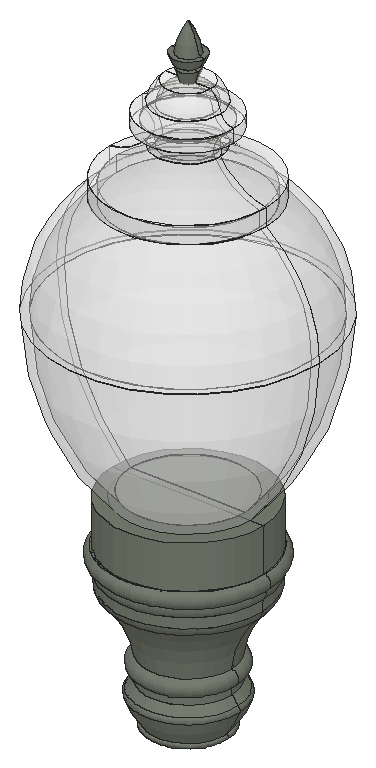
Revit family "FGL", category Lighting Fixtures, host Face, Revit 2014
Parameters (values of type "FGL - WRZ")
  Wattage Comments = "32 - 185W"  # constant formula
  Wattage = 9.2903 W
  Watt = 185 W
  built-in parameter 1150110 = 1 (stored number, unit not read)
  Voltage [instance] = 120 V
  built-in parameter 1114217 = 1 (stored number, unit not read)
  Tilt Angle = -90.00°
  built-in parameter 1150109 = 1 (stored number, unit not read)
  built-in parameter 1150134 = 3
  built-in parameter 1150113 = 1 (stored number, unit not read)
  Photometric Web File = "FGL-SGL-CCO-150PSMH-ASY-HSS.IES"
  built-in parameter 1150105 = 109.82 (stored number, unit not read)
  Lumens = 1380 lm
  built-in parameter 1150115 = 1 (stored number, unit not read)
  built-in parameter 1150137 = (empty or 0)
  built-in parameter 1150139 = (empty or 0)
  built-in parameter 1150112 = 1 (stored number, unit not read)
  built-in parameter 1150114 = 1 (stored number, unit not read)
  Is Volt [instance] = Voltage : 120V
  URL = "https://www.hubbell.com/architecturalarealighting/en/"
  RB [instance] = not(LF)  # no
  Product Page URL = "https://www.hubbell.com/architecturalarealighting/en/Products/Lighting-Controls/Commercial-Outdoor-Lighting/Decorative-Post-Top/Federal-Globe-Large/p/220818"
  Product Documentation Link = "https://hubbellcdn.com/specsheet/aal_fgl_led_spec.pdf"
  Optical Style [instance] = Optical Style : BLO
  Model = "FGL"  # constant formula
  Manufacturer = "Architectural Area Lighting"  # constant formula
  Load Classification = Lighting
  Lamp = "LED Lamp"  # constant formula
  LF [instance] = yes
  built-in parameter 1150132 = (empty or 0)
  built-in parameter 1150102 = (empty or 0)
  built-in parameter 1150107 = 3200 (stored number, unit not read)
  built-in parameter 1150138 = (empty or 0)
  built-in parameter 1150106 = 1.0982 (stored number, unit not read)
  Glass = Hubbell-Glass-Frosted
  Finish = Hubbell-Aluminum-Weathered Bronze
  Emit from Circle Diameter = 12.000"
  Emit Shape Visible in Rendering = no
  built-in parameter 1150104 = 13.8 (stored number, unit not read)
  Dimming Lamp Color Temperature Shift = <None>
  Description = "Two fitter designs to accommodate architectural requirements"  # constant formula
  Default Elevation = 48.000"
  Create Date = "06/27/2018"  # constant formula
  Contact us = "https://www.hubbell.com/architecturalarealighting/en/contactUs"
  Color Filter = 16777215
  built-in parameter 1114218 = 1 (stored number, unit not read)
  built-in parameter 1150133 = 10 (stored number, unit not read)
  Apparent Load = 0 VA
Types (14): name | Tilt Angle | Photometric Web File | Is Volt | Optical Style | Finish | Emit from Circle Diameter
  (no name) | -90.00° | "FGL-SGL-CCO-150PSMH-ASY-HSS.IES" | Voltage : 120V | Optical Style : BLO | Hubbell-Aluminum-Weathered Bronze | 12.000"
  FGL - AWT | 60.00° | "generic" | Voltage : 208V | Optical Style : CCO | Hubbell-Aluminum-Artic White | 24.000"
  FGL - BLK | 60.00° | "generic" | Voltage : 120V | Optical Style : CCO | Hubbell-Aluminum-Black | 24.000"
  FGL - MTB | 60.00° | "generic" | Voltage : 120V | Optical Style : CCO | Hubbell-Aluminum-Matte Black | 24.000"
  FGL - DGN | 60.00° | "generic" | Voltage : 120V | Optical Style : CCO | Hubbell-Aluminum-Dark Green | 24.000"
  FGL - DBZ | 60.00° | "generic" | Voltage : 120V | Optical Style : GR3 | Hubbell-Aluminum-Dark Bronze | 24.000"
  FGL - WRZ | -90.00° | "FGL-SGL-CCO-150PSMH-ASY-HSS.IES" | Voltage : 120V | Optical Style : BLO | Hubbell-Aluminum-Weathered Bronze | 12.000"
  FGL - BRM | 60.00° | "generic" | Voltage : 120V | Optical Style : CCO | Hubbell-Aluminum-Metalic Bronze | 24.000"
  FGL - VBL | 60.00° | "generic" | Voltage : 120V | Optical Style : CCO | Hubbell-Aluminum-Verde Blue | 24.000"
  FGL - CRT | 60.00° | "generic" | Voltage : 120V | Optical Style : CCO | Hubbell-Aluminum-Corten | 24.000"
  FGL - MAL | 60.00° | "generic" | Voltage : 120V | Optical Style : CCO | Hubbell-Aluminum-Matte | 24.000"
  FGL - MDG | 60.00° | "generic" | Voltage : 120V | Optical Style : CCO | Hubbell-Aluminum-Medium Grey | 24.000"
  FGL - ATG | 60.00° | "generic" | Voltage : 120V | Optical Style : CCO | Hubbell-Aluminum-Antique Green | 24.000"
  FGL - LGY | 60.00° | "generic" | Voltage : 120V | Optical Style : CCO | Hubbell-Aluminum-Light Grey | 24.000"
Reference planes (in)
  plane 1 "Center (Front/Back)": y = 0
  plane 2: z = 0
  plane 3 "Center (Left/Right)": x = 0
  plane 4: x = -8.75
  plane 5: x = 8.75
  plane 6: z = 42
  plane 7: x = 2.5
  plane 8: x = -2.5
  plane 9: z = 13.625
  plane 10: z = 31.17106
Forms (in)
  Revolve 1, solid, material "Hubbell-Aluminum-Weathered Bronze" <- "Finish", visible <- "LF"
    sketch origin (0, 0, 0) x (1, 0, 0) y (0, 0, 1)
      loop
        line (0, 0) -> (0, 13.625) -> (-5.03376, 13.625) -> (-5.03376, 10.76245) -> (-5.12905, 10.76245)
        arc (-5.12905, 10.76245) -> (-5.45559, 10.26245) -> (-5.12905, 9.76245) r 0.54607
        arc (-5.12905, 9.76245) -> (-5.11304, 9.44236) -> (-4.96687, 9.15715) r 0.76227
        line (-4.96687, 9.15715) -> (-4.96687, 8.48685)
        arc (-4.96687, 8.48685) -> (-4.85926, 8.18779) -> (-4.66168, 7.93883) r 0.98098
        arc (-4.66168, 7.93883) -> (-3.48579, 6.28694) -> (-2.88291, 4.35097) r 6.42852
        arc (-2.88291, 4.35097) -> (-3.31539, 3.80858) -> (-2.88291, 3.26619) r 0.55635
        line (-2.88291, 3.26619) -> (-2.88291, 2.76619) -> (-3.32761, 2.25461)
        arc (-3.32761, 2.25461) -> (-3.41364, 2.08032) -> (-3.39691, 1.88668) r 0.36132
        arc (-3.39691, 1.88668) -> (-3.01013, 1.05002) -> (-2.5, 0.28232) r 6.01247
        arc (-2.5, 0.28232) -> (-2.64116, 0.14116) -> (-2.5, 0) r 0.14116
        line (-2.5, 0) -> (0, 0)
      axis (0, 13.625) -> (0, 0)
    angle from 0 to 360
  Revolve 2, solid, material "Hubbell-Glass-Frosted" <- "Glass"
    sketch origin (0, 0, 0) x (1, 0, 0) y (0, 0, 1)
      loop
        line (0, 13.625) -> (0, 13.96855) -> (-3.80288, 13.96855)
        arc (-3.80288, 13.96855) -> (-7.06666, 18.84131) -> (-8.25002, 24.58548) r 15.2506
        arc (-8.25002, 24.58548) -> (-7.33685, 28.36747) -> (-4.74177, 31.26624) r 7.96826
        line (-4.74177, 31.26624) -> (-4.74177, 32.2829)
        arc (-4.74177, 32.2829) -> (-2.98772, 33.10642) -> (-1.68847, 34.54407) r 4.91348
        arc (-1.68847, 34.54407) -> (-1.88272, 35.43753) -> (-2.53956, 36.07359) r 1.57918
        line (-2.53956, 36.07359) -> (-2.53956, 36.20584)
        arc (-2.53956, 36.20584) -> (-2.04968, 36.54616) -> (-1.71527, 37.0401) r 1.62792
        arc (-1.71527, 37.0401) -> (-1.15449, 38.09679) -> (0, 38.41023) r 1.50439
        line (0, 38.41023) -> (0, 38.44473) -> (-1.51284, 38.44473)
        arc (-1.51284, 38.44473) -> (-1.97251, 37.87882) -> (-2.19891, 37.18578) r 2.00089
        arc (-2.19891, 37.18578) -> (-2.54471, 36.77783) -> (-3.03956, 36.57502) r 1.12792
        line (-3.03956, 36.57502) -> (-3.03956, 35.72555)
        arc (-3.03956, 35.72555) -> (-2.41225, 35.33409) -> (-2.18417, 34.63071) r 1.07918
        arc (-2.18417, 34.63071) -> (-3.50211, 33.31788) -> (-5.24177, 32.65908) r 4.44672
        line (-5.24177, 32.65908) -> (-5.24177, 31.52677)
        arc (-5.24177, 31.52677) -> (-7.84102, 28.48054) -> (-8.75, 24.58062) r 8.46826
        arc (-8.75, 24.58062) -> (-7.53021, 18.65423) -> (-4.16616, 13.625) r 15.75044
        line (-4.16616, 13.625) -> (0, 13.625)
      axis (0, 38.44473) -> (0, 13.625)
    angle from 0 to 360
  Revolve 3, solid, material "Hubbell-Aluminum-Weathered Bronze" <- "Finish"
    sketch origin (0, 0, 0) x (1, 0, 0) y (0, 0, 1)
      loop
        line (0, 38.44473) -> (0, 42)
        arc (0, 42) -> (-0.48193, 41.08525) -> (-0.73533, 40.08284) r 4.36748
        line (-0.73533, 40.08284) -> (-1.08341, 40.08284) -> (-0.81818, 39.51405) -> (-0.35253, 39.51405) -> (-0.35253, 39.20953) -> (-0.71924, 39.20953) -> (-0.47074, 38.44473) -> (0, 38.44473)
      axis (0, 42) -> (0, 38.44473)
    angle from 0 to 360
  Revolve 4, solid, material "Hubbell-Aluminum-Weathered Bronze" <- "Finish", visible <- "RB"
    sketch origin (0, 0, 0) x (1, 0, 0) y (0, 0, 1)
      loop
        line (-3.5, 0) -> (0, 0) -> (0, 13.625) -> (-5.71058, 13.625) -> (-5.71058, 12.40368) -> (-6.30201, 12.40368) -> (-6.30201, 11.06248) -> (-6.51851, 10.93748) -> (-6.51851, 9.93748) -> (-5.3414, 9.93748) -> (-5.3414, 9.68748)
        arc (-5.3414, 9.68748) -> (-5.8414, 9.48037) -> (-6.04851, 8.98037) r 0.70711
        line (-6.04851, 8.98037) -> (-6.04851, 8.73037) -> (-5.79851, 8.73037) -> (-5.79851, 8.50986)
        arc (-5.79851, 8.50986) -> (-5.19781, 6.42255) -> (-3.80326, 4.75733) r 5.24722
        line (-3.80326, 4.75733) -> (-3.80326, 4.58582)
        arc (-3.80326, 4.58582) -> (-3.51877, 3.80356) -> (-3.07749, 3.09778) r 3.97172
        line (-3.07749, 3.09778) -> (-3.25, 3.09778) -> (-3.25, 2.84778)
        arc (-3.25, 2.84778) -> (-3.32937, 2.78321) -> (-3.39393, 2.70385) r 0.50016
        arc (-3.39393, 2.70385) -> (-3.40797, 2.50941) -> (-3.25, 2.39518) r 0.20023
        line (-3.25, 2.39518) -> (-3.25, 0.39518) -> (-3.5, 0.39518) -> (-3.5, 0)
      axis (0, 13.625) -> (0, 0)
    angle from 0 to 360
Dimensions and locks (in)
  equal spacing: plane 5, plane 3 "Center (Left/Right)", plane 4
  locked: plane 3 "Center (Left/Right)" to plane 4 at 8.75
  locked: plane 6 to plane 2 at 42
  equal spacing: plane 7, plane 3 "Center (Left/Right)", plane 8
  locked: plane 3 "Center (Left/Right)" to plane 8 at 2.5
  locked: plane 9 to plane 2 at 13.625
  plane 5 to plane 4 = 17.500"
  aligned and locked: plane 2 to host face
  aligned and locked: level to host face
  aligned and locked: Revolve 1 sketch curve to plane 9
  aligned and locked: host face to Revolve 1 sketch curve
  aligned and locked: Revolve 1 sketch curve to plane 3 "Center (Left/Right)"  (x2)
  aligned and locked: Revolve 2 sketch curve to plane 3 "Center (Left/Right)"
  aligned and locked: plane 9 to Revolve 2 sketch curve
  aligned and locked: Revolve 3 sketch curve to plane 3 "Center (Left/Right)"
  aligned and locked: Revolve 2 sketch curve to Revolve 3
  aligned and locked: Revolve 4 sketch curve to plane 3 "Center (Left/Right)"
Automatic sketch dimensions
  host sketch curve to host sketch curve = 96.000"
  host sketch curve to host sketch curve = 95.95855"
  Revolve 1 sketch curve to plane 8 = 0.000"
  Revolve 1 sketch curve to plane 8 = 0.25904"
  Revolve 1 sketch curve to plane 8 = 0.38291"  (x2)
  Revolve 1 sketch curve to plane 8 = 0.55856"
  Revolve 1 sketch curve to Revolve 1 sketch curve = 0.26905"
  Revolve 1 sketch curve to Revolve 1 sketch curve = 0.0693"
  Revolve 1 sketch curve to Revolve 1 sketch curve = 0.000"  (x2)
  Revolve 1 sketch curve to plane 8 = 1.50221"
  Revolve 1 sketch curve to Revolve 1 sketch curve = 0.37453"
  Revolve 1 sketch curve to Revolve 1 sketch curve = 0.65948"
  Revolve 1 sketch curve to Revolve 1 sketch curve = 0.53278"
  Revolve 1 sketch curve to Revolve 1 sketch curve = 0.59013"
  Revolve 1 sketch curve to Revolve 1 sketch curve = 0.12424"
  Revolve 1 sketch curve to Revolve 1 sketch curve = 0.21954"
  Revolve 1 sketch curve to Revolve 1 sketch curve = 0.09529"
  Revolve 1 sketch curve to plane 4 = 0.49534"
  Revolve 1 sketch curve to plane 7 = 0.26209"
  Revolve 1 sketch curve to level = 4.050"
  Revolve 1 sketch curve to Revolve 1 sketch curve = 0.14116"
  Revolve 1 sketch curve to Revolve 1 sketch curve = 1.60435"
  Revolve 1 sketch curve to Revolve 1 sketch curve = 0.51158"
  Revolve 1 sketch curve to Revolve 1 sketch curve = 0.500"  (x2)
  level to Revolve 1 sketch curve = 3.4315"
  Revolve 1 sketch curve to Revolve 1 sketch curve = 0.54239"
  Revolve 1 sketch curve to Revolve 1 sketch curve = 0.6703"
  Revolve 1 sketch curve to Revolve 1 sketch curve = 0.4825"
  Revolve 1 sketch curve to Revolve 1 sketch curve = 1.500"
  Revolve 3 sketch curve to plane 3 "Center (Left/Right)" = 0.000"
  Revolve 3 sketch curve to plane 6 = 0.000"
  Revolve 3 sketch curve to plane 3 "Center (Left/Right)" = 0.35253"
  Revolve 3 sketch curve to Revolve 3 sketch curve = 0.47074"
  Revolve 3 sketch curve to Revolve 3 sketch curve = 0.3667"
  Revolve 3 sketch curve to Revolve 3 sketch curve = 0.3828"
  Revolve 3 sketch curve to Revolve 3 sketch curve = 0.09895"
  Revolve 3 sketch curve to Revolve 3 sketch curve = 0.34808"
  plane 7 to Revolve 3 sketch curve = 1.09589"
  Revolve 3 sketch curve to plane 6 = 1.91716"
  Revolve 3 sketch curve to Revolve 3 sketch curve = 0.56879"
  Revolve 3 sketch curve to Revolve 3 sketch curve = 0.30452"
  Revolve 3 sketch curve to Revolve 3 sketch curve = 0.7648"
  Revolve 3 sketch curve to Revolve 3 sketch curve = 1.94473"
  Revolve 3 sketch curve to Revolve 3 sketch curve = 0.750"
  Revolve 4 sketch curve to plane 9 = 0.000"
  Revolve 4 sketch curve to plane 3 "Center (Left/Right)" = 0.000"
  Revolve 4 sketch curve to level = 0.000"
  Revolve 4 sketch curve to plane 3 "Center (Left/Right)" = 0.56478"
  Revolve 4 sketch curve to plane 8 = 0.4757"
  Revolve 4 sketch curve to plane 8 = 0.57749"
  Revolve 4 sketch curve to Revolve 4 sketch curve = 0.2508"
  Revolve 4 sketch curve to plane 8 = 0.750"
  Revolve 4 sketch curve to Revolve 4 sketch curve = 0.0235"
  Revolve 4 sketch curve to Revolve 4 sketch curve = 0.16744"
  Revolve 4 sketch curve to Revolve 4 sketch curve = 0.000"
  Revolve 4 sketch curve to Revolve 4 sketch curve = 0.250"  (x4)
  Revolve 4 sketch curve to plane 8 = 1.30326"
  Revolve 4 sketch curve to plane 8 = 2.8414"
  Revolve 4 sketch curve to plane 9 = 1.22132"
  Revolve 4 sketch curve to Revolve 4 sketch curve = 0.36918"
  Revolve 4 sketch curve to Revolve 4 sketch curve = 0.45711"
  Revolve 4 sketch curve to Revolve 4 sketch curve = 0.59142"
  Revolve 4 sketch curve to Revolve 4 sketch curve = 0.470"
  plane 3 "Center (Left/Right)" to Revolve 4 sketch curve = 0.05099"
  Revolve 4 sketch curve to Revolve 4 sketch curve = 4.875"
  level to Revolve 4 sketch curve = 0.39518"
  Revolve 4 sketch curve to Revolve 4 sketch curve = 2.000"
  Revolve 4 sketch curve to Revolve 4 sketch curve = 0.03436"
  Revolve 4 sketch curve to Revolve 4 sketch curve = 1.48804"
  Revolve 4 sketch curve to Revolve 4 sketch curve = 0.17151"
  Revolve 4 sketch curve to Revolve 4 sketch curve = 3.89382"
  Revolve 4 sketch curve to Revolve 4 sketch curve = 0.22051"
  Revolve 4 sketch curve to Revolve 4 sketch curve = 0.95711"
  Revolve 4 sketch curve to Revolve 4 sketch curve = 1.000"
  Revolve 4 sketch curve to Revolve 4 sketch curve = 0.125"
  Revolve 4 sketch curve to Revolve 4 sketch curve = 8.500"
  Revolve 2 sketch curve to Revolve 2 sketch curve = 0.000"  (x13)
  Revolve 2 sketch curve to plane 4 = 0.000"
  plane 10 to Revolve 2 sketch curve = 0.09518"
  Revolve 2 sketch curve to plane 3 "Center (Left/Right)" = 0.000"  (x2)
  plane 4 to Revolve 2 sketch curve = 0.49981"
  plane 4 to Revolve 2 sketch curve = 2.83808"
  plane 10 to Revolve 2 sketch curve = 1.48802"
  Revolve 2 sketch curve to plane 8 = 2.74177"
  Revolve 2 sketch curve to plane 8 = 1.66616"
  plane 9 to Revolve 2 sketch curve = 0.34355"
  Revolve 2 sketch curve to Revolve 2 sketch curve = 0.36328"
  Revolve 2 sketch curve to plane 8 = 0.76266"
  Revolve 2 sketch curve to plane 8 = 0.70769"
  Revolve 2 sketch curve to plane 8 = 0.53956"
  Revolve 2 sketch curve to plane 8 = 0.03956"
  plane 8 to Revolve 2 sketch curve = 0.30109"
  plane 8 to Revolve 2 sketch curve = 0.31583"
  Revolve 2 sketch curve to Revolve 2 sketch curve = 0.48364"
  Revolve 2 sketch curve to Revolve 2 sketch curve = 0.4957"
  plane 8 to Revolve 2 sketch curve = 0.98716"
  Revolve 2 sketch curve to plane 3 "Center (Left/Right)" = 0.28214"
  Revolve 2 sketch curve to plane 3 "Center (Left/Right)" = 0.21557"
  Revolve 2 sketch curve to plane 5 = 1.75031"
  Revolve 2 sketch curve to Revolve 2 sketch curve = 0.20645"
  Revolve 2 sketch curve to Revolve 2 sketch curve = 0.37618"
  Revolve 2 sketch curve to Revolve 2 sketch curve = 2.26118"
  Revolve 2 sketch curve to Revolve 2 sketch curve = 0.03897"
  Revolve 2 sketch curve to Revolve 2 sketch curve = 0.13225"
  Revolve 2 sketch curve to Revolve 2 sketch curve = 0.36918"
  Revolve 2 sketch curve to Revolve 2 sketch curve = 1.52337"
  plane 6 to Revolve 2 sketch curve = 2.000"
  plane 4 to Revolve 2 sketch curve = 0.49998"
  Revolve 2 sketch curve to Revolve 2 sketch curve = 0.500"
  Revolve 2 sketch curve to Revolve 2 sketch curve = 0.00485"
Nested families (in)
  nested 1: "Voltage" at (8.73564, -35.19298, 0), type "120V"
Connectors (in)
  electrical at (0, 0.02072, 0), driven by "Voltage", driven by "Apparent Load", driven by "Load Classification"
    settings: on host face, index 1, voltage 120 V, apparent load 0 VA, apparent load phase1 0 VA, apparent load phase2 0 VA, apparent load phase3 0 VA, power factor 1, load classification "Lighting", number of poles 1, system type 30, power factor state 1, is connector primary yes, connector utility no, sub classification motor no, connector description "Electrical Connector"
Definition of nested family "Voltage"
  Parameters (values of type "277V")
    277V = yes
    240V = no
    208V = no
    120V = no
  Types (5): name | 277V | 240V | 208V | 120V
    (no name) | yes | no | no | no
    120V | no | no | no | yes
    208V | no | no | yes | no
    240V | no | yes | no | no
    277V | yes | no | no | no
  Reference planes (in)
    plane 1 "Center (Front/Back)": y = 0
    plane 2: z = 0
    plane 3 "Center (Left/Right)": x = 0
  Dimensions and locks (in)
    aligned and locked: plane 2 to level
